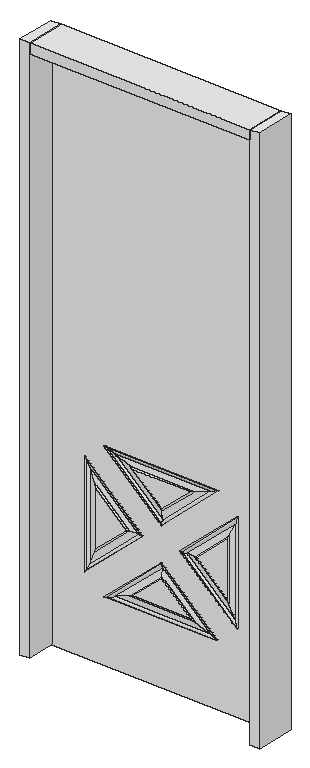
Revit family "Entrance-Doors_Steel_Crossbuck-Embossment_Taylor-Entrance", category Doors, host Wall, Revit 2026
Family settings
  Host = Wall
  Classification Number = 23.30.10.00
  Always vertical = Yes
  Cut with Voids When Loaded = No
  Shared = No
  Room Calculation Point = No
Parameters (values of type "2'10" x 7' 0"")
  URL = "https://www.groupenovatech.com/"
  Typical Side Embossment Height = 15.93297"
  Typical Bottom Embossment Width = 17.6300"
  Top Embossment Height = 25.3700"
  Thickness = 1.7300"
  Door Width = 33.7500"
  Door Material = Default
  Door Height = 82.9400"
  Top Distance = 5.0000"
  Symbolic Pattern = Door Width  # 33.7500"
  Specification = "https://www.arcat.com/company/taylor-entrance-systems-inc-50999/spec"
  Product Page URL = "https://www.arcat.com/arcatcos/cos50/arc50999.html"
  Frame Thickness = 1.4850"
  Embossment Height = 21.5000"
  Model = ""
  Manufacturer = "Taylor Entrance Systems"
  Keynote = "08 42 00"
  Function = Interior
  Height = 82.9400"
  Wall Closure = By host
  Width = 33.7500"
  Define Thermal Properties by = Schematic Type
  Copyright = "ARCAT"
  CAD Details = "https://www.arcat.com/company/taylor-entrance-systems-inc-50999/cad"
  C - Distance = 5.3750"
  Bottom Distance = 9.3800"
  B - Distance = 5.3750"
  Analytic Construction = "<None>"
Types (8): name | Door Width | Door Material | Door Height | Symbolic Pattern | Height | Width | C - Distance | B - Distance
  2' 8" x 6' 8" | 31.7500" | none | 78.9400" | 31.7500" | 78.9400" | 31.7500" | 9.0600" | 9.0600"
  2'10" x 6' 8" | 33.7500" | none | 78.9400" | 33.7500" | 78.9400" | 33.7500" | 5.3750" | 5.3750"
  3' 0" x 6' 8" | 35.7500" | none | 78.9400" | 35.7500" | 78.9400" | 35.7500" | 6.3750" | 6.3750"
  2' 6" x 6' 8" | 29.7500" | none | 78.9400" | 29.7500" | 78.9400" | 29.7500" | 3.3750" | 3.3750"
  2' 6" x 7' 0" | 29.7500" | none | 82.9400" | 29.7500" | 82.9400" | 29.7500" | 3.3750" | 3.3750"
  2' 8" x 7' 0" | 31.7500" | none | 82.9400" | 31.7500" | 82.9400" | 31.7500" | 4.3750" | 4.3750"
  2'10" x 7' 0" | 33.7500" | Default | 82.9400" | 33.7500" | 82.9400" | 33.7500" | 5.3750" | 5.3750"
  3' 0" x 7' 0" | 35.7500" | none | 82.9400" | 35.7500" | 82.9400" | 35.7500" | 9.0600" | 9.0600"
Reference planes (in)
  plane 1: y = 0
  plane 2 "Center (Left/Right)": x = 0
  plane 3 "Left": x = -16.875
  plane 4 "Right": x = 16.875
  plane 5: z = 82.94
  plane 6 "Exterior": y = 2.95276
  plane 7 "Interior": y = -2.95276
  plane 8: x = 8.815
  plane 9: x = -8.815
  plane 10: z = 0
  plane 11: z = 79
  plane 12: y = 1.22276
  plane 13: y = 36.70276
  plane 14: x = 18.36
  plane 15: x = -18.36
  plane 16: z = 84.425
  plane 17: z = 9.38
  plane 18: z = 17.24
  plane 19: z = 30.13
  plane 20: z = 22.27
  plane 21: x = -11.755
  plane 22: x = 11.755
  plane 23: through (-8.815, -11.81102, 9.38) normal (-0.6655, 0, 0.7464)
  plane 24: through (8.815, -11.81102, 9.38) normal (-0.6655, 0, -0.7464)
  plane 25: through (-8.815, -11.81102, 30.13) normal (0.6655, 0, 0.7464)
  plane 26: through (8.815, -11.81102, 30.13) normal (0.6655, 0, -0.7464)
  plane 27: z = 11.78851
  plane 28: z = 27.72851
Forms (in)
  Extrusion 1, solid, material "Default" <- "Door Material"
    sketch origin (0, 0, 0) x (1, 0, 0) y (0, 1, 0)
      loop
        line (-16.875, 2.95276) -> (-16.875, 1.22276) -> (16.875, 1.22276) -> (16.875, 2.95276) -> (-16.875, 2.95276)
    from 0 to 82.94
  Extrusion 2, solid, material "Default" <- "Door Material"
    sketch origin (0, 0, 0) x (1, 0, 0) y (0, 1, 0)
      loop
        line (-18.36, 2.95276) -> (-18.36, -2.95276) -> (-16.875, -2.95276) -> (-16.875, 2.95276) -> (-18.36, 2.95276)
    from 0 to 84.425
  Extrusion 3, solid, material "Default" <- "Door Material"
    sketch origin (0, 0, 0) x (1, 0, 0) y (0, 1, 0)
      loop
        line (16.875, 2.95276) -> (16.875, -2.95276) -> (18.36, -2.95276) -> (18.36, 2.95276) -> (16.875, 2.95276)
    from 0 to 84.425
  Extrusion 4, solid, material "Default" <- "Door Material"
    sketch origin (0, 0, 0) x (0, 1, 0) y (0, 0, 1)
      loop
        line (2.95276, 84.425) -> (-2.95276, 84.425) -> (-2.95276, 82.94) -> (2.95276, 82.94) -> (2.95276, 84.425)
    from -16.875 to 16.875
  Sweep 5, void
    path origin (0, 2.95276, 0) x (1, 0, 0) y (0, 0, 1)
      loop
        line (8.815, 9.38) -> (0, 17.24) -> (-8.815, 9.38) -> (8.815, 9.38)
    profile origin (0, 2.95276, 9.38) x (0, 0, -1) y (0, -1, 0)
      loop
        line (-1.688, 0) -> (0, 0) -> (-0.107, 0.07141)
        arc (-0.107, 0.07141) -> (-0.36002, 0.07804) -> (-0.5892, 0.18548) r 0.61848
        line (-0.5892, 0.18548) -> (-1.47, 0.08351) -> (-1.688, 0)
  Sweep 6, void
    path origin (0, 2.95276, 39.51) x (1, 0, 0) y (0, 0, 1)
      loop
        line (8.815, -9.38) -> (-8.815, -9.38) -> (0, -17.24) -> (8.815, -9.38)
    profile origin (0, 2.95276, 30.13) x (0, 0, -1) y (0, -1, 0)
      loop
        line (1.688, 0) -> (1.47, 0.08351) -> (0.5892, 0.18548)
        arc (0.5892, 0.18548) -> (0.36002, 0.07804) -> (0.107, 0.07141) r 0.61848
        line (0.107, 0.07141) -> (0, 0) -> (1.688, 0)
  Sweep 7, void
    path origin (0, 2.95276, 0) x (1, 0, 0) y (0, 0, 1)
      loop
        line (11.755, 27.72149) -> (2.82058, 19.755) -> (11.755, 11.78851) -> (11.755, 27.72149)
    profile origin (11.755, 2.95276, 19.755) x (0, -1, 0) y (1, 0, 0)
      loop
        line (0, -1.688) -> (0.08351, -1.47) -> (0.18548, -0.5892)
        arc (0.18548, -0.5892) -> (0.07804, -0.36002) -> (0.07141, -0.107) r 0.61848
        line (0.07141, -0.107) -> (0, 0) -> (0, -1.688)
  Sweep 8, void
    path origin (0, 2.95276, 0) x (-1, 0, 0) y (0, 0, -1)
      loop
        line (11.755, -27.72149) -> (11.755, -11.78851) -> (2.82058, -19.755) -> (11.755, -27.72149)
    profile origin (-11.755, 2.95276, 19.755) x (0, -1, 0) y (1, 0, 0)
      loop
        line (0, 1.688) -> (0, 0) -> (0.07141, 0.107)
        arc (0.07141, 0.107) -> (0.07804, 0.36002) -> (0.18548, 0.5892) r 0.61848
        line (0.18548, 0.5892) -> (0.08351, 1.47) -> (0, 1.688)
  Sweep 9, void
    path origin (16.875, 1.22276, 0) x (-1, 0, 0) y (0, 0, -1)
      loop
        line (25.69, -9.38) -> (8.06, -9.38) -> (16.875, -17.24) -> (25.69, -9.38)
    profile origin (0, 1.22276, 9.38) x (0, 0, 1) y (0, -1, 0)
      loop
        line (1.688, 0) -> (0, 0) -> (0.107, -0.07141)
        arc (0.107, -0.07141) -> (0.36002, -0.07804) -> (0.5892, -0.18548) r 0.61848
        line (0.5892, -0.18548) -> (1.47, -0.08351) -> (1.688, 0)
  Sweep 10, void
    path origin (16.875, 1.22276, 39.51) x (-1, 0, 0) y (0, 0, -1)
      loop
        line (25.69, 9.38) -> (16.875, 17.24) -> (8.06, 9.38) -> (25.69, 9.38)
    profile origin (0, 1.22276, 30.13) x (0, 0, 1) y (0, -1, 0)
      loop
        line (-1.688, 0) -> (-1.47, -0.08351) -> (-0.5892, -0.18548)
        arc (-0.5892, -0.18548) -> (-0.36002, -0.07804) -> (-0.107, -0.07141) r 0.61848
        line (-0.107, -0.07141) -> (0, 0) -> (-1.688, 0)
  Sweep 11, void
    path origin (16.875, 1.22276, 0) x (-1, 0, 0) y (0, 0, -1)
      loop
        line (28.63, -11.78851) -> (19.69558, -19.755) -> (28.63, -27.72149) -> (28.63, -11.78851)
    profile origin (-11.755, 1.22276, 19.755) x (-1, 0, 0) y (0, -1, 0)
      loop
        line (-1.688, 0) -> (-1.47, -0.08351) -> (-0.5892, -0.18548)
        arc (-0.5892, -0.18548) -> (-0.36002, -0.07804) -> (-0.107, -0.07141) r 0.61848
        line (-0.107, -0.07141) -> (0, 0) -> (-1.688, 0)
  Sweep 12, void
    path origin (-16.875, 1.22276, 0) x (1, 0, 0) y (0, 0, 1)
      loop
        line (28.63, 11.78851) -> (28.63, 27.72149) -> (19.69558, 19.755) -> (28.63, 11.78851)
    profile origin (11.755, 1.22276, 19.755) x (-1, 0, 0) y (0, -1, 0)
      loop
        line (1.688, 0) -> (0, 0) -> (0.107, -0.07141)
        arc (0.107, -0.07141) -> (0.36002, -0.07804) -> (0.5892, -0.18548) r 0.61848
        line (0.5892, -0.18548) -> (1.47, -0.08351) -> (1.688, 0)
Cuts and joins
  Sweep 5, Sweep 6, Sweep 7, Sweep 8, Sweep 9, Sweep 10, Sweep 11, Sweep 12 cuts Extrusion 1
Lines and regions (in)
  Opening 1
    outline origin (-120.07874, -2.95276, 0) x (1, 0, 0) y (0, 0, 1)
      loop
        line (101.71874, 0) -> (138.43874, 0) -> (138.43874, 84.425) -> (101.71874, 84.425) -> (101.71874, 0)
  symbolic lines, style "DoorsPanelProjection"
    curve 1: line (-16.875, 2.95276, 0) -> (-15.14453, 2.95276, 0)
    curve 2: line (-16.875, 36.70276, 0) -> (-16.875, 2.95276, 0)
    curve 3: line (-15.14453, 36.70276, 0) -> (-16.875, 36.70276, 0)
    curve 4: line (-15.14453, 2.95276, 0) -> (-15.14453, 36.70276, 0)
    curve 5: arc (-16.875, 36.70276, 0) -> (6.98985, 26.81761, 0) -> (16.875, 2.95276, 0) r 33.75
  symbolic lines, style "Elevation Swing"
    curve 6: line (-16.875, -2.95276, 39.5) -> (16.875, -2.95276, 82.94)
    curve 7: line (-16.875, -2.95276, 39.5) -> (16.875, -2.95276, 0)
  symbolic lines
    curve 8: line (0, 2.95276, 61.1347) -> (0, 2.95276, 65.87)
Text (in)
  text "Exterior" at (-83.64806, 43.28909, 0), in view "Ref. Level"
  text "Exterior" at (0, 63.59764, 145.59372), in view "Left"
  text "Exterior" at (0, 40.78868, 152.55637), in view "Right"
  text "Interior" at (-85.30309, -10.03194, 0), in view "Ref. Level"
Dimensions and locks (in)
  equal spacing: plane 3 "Left", plane 2 "Center (Left/Right)", plane 4 "Right"  (x3)
  plane 3 "Left" to plane 4 "Right" = 33.7500"  (x2)
  "Door Height": host wall to plane 5
  host wall to plane 5 = 82.9400"
  locked: plane 6 "Exterior" to host wall
  locked: plane 7 "Interior" to host wall
  "Thickness": plane 6 "Exterior" to plane 12
  locked: curve 2 to curve 4 at 1.73047
  "Symbolic Pattern": plane 6 "Exterior" to plane 13
  "Door Width": plane 3 "Left" to plane 4 "Right"
  "Frame Thickness": plane 4 "Right" to plane 14
  "Frame Thickness": plane 15 to plane 3 "Left"
  "Frame Thickness": plane 5 to plane 16
  locked: Extrusion 2 to Extrusion 4 sketch curve at 1.485
  "Bottom Distance": level to plane 17
  locked: plane 17 to plane 18 at 7.86
  locked: plane 17 to plane 19 at 20.75
  "Typical Bottom Embossment Width": plane 8 to plane 9
  locked: plane 20 to plane 19 at 7.86
  cut or joined group of Extrusion 1, Sweep 5, Sweep 6, Sweep 7, Sweep 8, Sweep 9, Sweep 10, Sweep 11, Sweep 12 to plane 28 = 15.9400"
  plane 21 to plane 9 = 2.9400"
  cut or joined group of Extrusion 1, Sweep 5, Sweep 6, Sweep 7, Sweep 8, Sweep 9, Sweep 10, Sweep 11, Sweep 12 to plane 19 = 2.40851"
  Sweep 7 sketch curve to Sweep 7 sketch curve = 15.93297"
  locked: Sweep 5 sketch curve to Sweep 5 sketch curve (angle 41.7222°)  (x2)
  aligned and locked: Opening 1 sketch curve to level
  aligned and locked: plane 1 to host wall
  aligned and locked: plane 6 "Exterior" to Extrusion 1 sketch curve
  aligned and locked: plane 12 to Extrusion 1 sketch curve
  aligned and locked: plane 13 to curve 3
  aligned and locked: Extrusion 1 to level
  aligned and locked: Opening 1 sketch curve to plane 15
  aligned and locked: plane 16 to Opening 1 sketch curve
  aligned and locked: plane 14 to Opening 1 sketch curve
  aligned and locked: plane 3 "Left" to Extrusion 2 sketch curve
  aligned and locked: plane 15 to Extrusion 2 sketch curve
  aligned and locked: plane 6 "Exterior" to Extrusion 2 sketch curve
  aligned and locked: Extrusion 2 sketch curve to plane 7 "Interior"
  aligned and locked: plane 16 to Extrusion 2
  aligned and locked: plane 14 to Extrusion 3 sketch curve
  aligned and locked: Extrusion 3 sketch curve to plane 4 "Right"
  aligned and locked: plane 6 "Exterior" to Extrusion 3 sketch curve
  aligned and locked: Extrusion 3 sketch curve to plane 7 "Interior"
  aligned and locked: plane 16 to Extrusion 3
  aligned and locked: Extrusion 4 sketch curve to plane 16
  aligned and locked: plane 6 "Exterior" to Extrusion 4 sketch curve
  aligned and locked: Extrusion 4 sketch curve to plane 7 "Interior"
  aligned and locked: plane 3 "Left" to Extrusion 4
  aligned and locked: Extrusion 4 to plane 4 "Right"
  aligned and locked: cut or joined group of Extrusion 1, Sweep 5, Sweep 6, Sweep 7, Sweep 8, Sweep 9, Sweep 10, Sweep 11, Sweep 12 to plane 5
  aligned and locked: Sweep 6 sketch curve to plane 19
  aligned and locked: plane 22 to Sweep 7 sketch curve
  aligned and locked: plane 21 to Sweep 8 sketch curve
  aligned and locked: Sweep 9 sketch curve to plane 17
  aligned and locked: Sweep 9 sketch curve to plane 24
  aligned and locked: plane 23 to Sweep 9 sketch curve
  aligned and locked: plane 26 to Sweep 10 sketch curve
  aligned and locked: Sweep 10 sketch curve to plane 25
  aligned and locked: Sweep 10 sketch curve to plane 19
  aligned and locked: plane 21 to Sweep 11 sketch curve
  aligned and locked: plane 26 to Sweep 11 sketch curve
  aligned and locked: Sweep 11 sketch curve to plane 24
  aligned and locked: plane 22 to Sweep 12 sketch curve
  aligned and locked: Sweep 12 sketch curve to plane 23
  aligned and locked: plane 25 to Sweep 12 sketch curve
  aligned and locked: Sweep 5 sketch curve to plane 23
  aligned and locked: plane 24 to Sweep 5 sketch curve
  aligned and locked: plane 25 to Sweep 6 sketch curve
  aligned and locked: Sweep 6 sketch curve to plane 26
  aligned and locked: plane 24 to Sweep 8 sketch curve
  aligned and locked: Sweep 8 sketch curve to plane 26
  aligned and locked: plane 23 to Sweep 7 sketch curve
  aligned and locked: Sweep 7 sketch curve to plane 25
Automatic sketch dimensions
  curve 8 to host wall = 0.0000"
  host wall to curve 8 = 0.0000"
  plane 5 to curve 8 = 21.8053"
  curve 8 to curve 8 = 4.7353"
  Extrusion 1 sketch curve to plane 3 "Left" = 0.0000"
  Extrusion 1 sketch curve to plane 4 "Right" = 0.0000"
  curve 1 to host wall = 0.0000"
  curve 1 to plane 3 "Left" = 0.0000"
  curve 5 to host wall = 0.0000"
  plane 3 "Left" to curve 7 = 0.0000"
  curve 7 to level = 0.0000"
  plane 4 "Right" to curve 7 = 0.0000"
  plane 4 "Right" to curve 6 = 0.0000"
  curve 6 to plane 5 = 0.0000"
  plane 19 to curve 7 = 9.3700"
  Sweep 5 sketch curve to plane 17 = 0.0000"
  Sweep 5 sketch curve to plane 6 "Exterior" = 0.0000"
  Sweep 5 sketch curve to profile plane = 0.0000"
  profile plane to Sweep 5 sketch curve = 0.1070"
  profile plane to Sweep 5 sketch curve = 0.21764"
  plane 6 "Exterior" to Sweep 5 sketch curve = 0.18548"
  Sweep 5 sketch curve to Sweep 5 sketch curve = 0.4822"
  plane 6 "Exterior" to Sweep 5 sketch curve = 0.08351"
  Sweep 5 sketch curve to Sweep 5 sketch curve = 0.8808"
  Sweep 5 sketch curve to Sweep 5 sketch curve = 0.2180"
  plane 6 "Exterior" to Sweep 5 sketch curve = 0.07141"
  Sweep 6 sketch curve to plane 6 "Exterior" = 0.0000"
  Sweep 6 sketch curve to profile plane = 0.0000"
  Sweep 6 sketch curve to profile plane = 0.1070"
  Sweep 6 sketch curve to profile plane = 0.21764"
  plane 6 "Exterior" to Sweep 6 sketch curve = 0.18548"
  Sweep 6 sketch curve to Sweep 6 sketch curve = 0.4822"
  plane 6 "Exterior" to Sweep 6 sketch curve = 0.08351"
  Sweep 6 sketch curve to Sweep 6 sketch curve = 0.8808"
  Sweep 6 sketch curve to Sweep 6 sketch curve = 0.2180"
  plane 6 "Exterior" to Sweep 6 sketch curve = 0.07141"
  plane 6 "Exterior" to Sweep 7 sketch curve = 0.0000"
  Sweep 7 sketch curve to profile plane = 0.0000"
  plane 6 "Exterior" to Sweep 7 sketch curve = 0.07141"
  plane 6 "Exterior" to Sweep 7 sketch curve = 0.08351"
  plane 6 "Exterior" to Sweep 7 sketch curve = 0.18548"
  profile plane to Sweep 7 sketch curve = 0.21764"
  Sweep 7 sketch curve to Sweep 7 sketch curve = 0.6085"
  profile plane to Sweep 7 sketch curve = 0.5892"
  Sweep 7 sketch curve to Sweep 7 sketch curve = 0.8808"
  Sweep 7 sketch curve to Sweep 7 sketch curve = 0.2180"
  plane 6 "Exterior" to Sweep 8 sketch curve = 0.0000"
  Sweep 8 sketch curve to profile plane = 0.0000"
  plane 6 "Exterior" to Sweep 8 sketch curve = 0.07141"
  plane 6 "Exterior" to Sweep 8 sketch curve = 0.08351"
  plane 6 "Exterior" to Sweep 8 sketch curve = 0.18548"
  Sweep 8 sketch curve to profile plane = 0.21764"
  Sweep 8 sketch curve to Sweep 8 sketch curve = 0.6085"
  Sweep 8 sketch curve to profile plane = 0.1070"
  Sweep 8 sketch curve to Sweep 8 sketch curve = 0.8808"
  Sweep 8 sketch curve to Sweep 8 sketch curve = 0.2180"
  profile plane to Sweep 9 sketch curve = 0.0000"
  Sweep 9 sketch curve to profile plane = 0.0000"
  Sweep 9 sketch curve to profile plane = 0.1070"
  Sweep 9 sketch curve to profile plane = 0.21764"
  Sweep 9 sketch curve to profile plane = 0.18548"
  Sweep 9 sketch curve to Sweep 9 sketch curve = 0.4822"
  Sweep 9 sketch curve to profile plane = 0.08351"
  Sweep 9 sketch curve to Sweep 9 sketch curve = 0.8808"
  Sweep 9 sketch curve to Sweep 9 sketch curve = 0.2180"
  Sweep 9 sketch curve to Sweep 9 sketch curve = 0.49442"
  Sweep 10 sketch curve to profile plane = 0.0000"
  profile plane to Sweep 10 sketch curve = 0.0000"
  profile plane to Sweep 10 sketch curve = 0.1070"
  profile plane to Sweep 10 sketch curve = 0.21764"
  Sweep 10 sketch curve to profile plane = 0.18548"
  Sweep 10 sketch curve to Sweep 10 sketch curve = 0.4822"
  Sweep 10 sketch curve to profile plane = 0.08351"
  Sweep 10 sketch curve to Sweep 10 sketch curve = 0.8808"
  Sweep 10 sketch curve to Sweep 10 sketch curve = 0.2180"
  Sweep 10 sketch curve to Sweep 10 sketch curve = 0.49442"
  profile plane to Sweep 11 sketch curve = 0.0000"
  Sweep 11 sketch curve to profile plane = 0.0000"
  profile plane to Sweep 11 sketch curve = 0.1070"
  profile plane to Sweep 11 sketch curve = 0.21764"
  Sweep 11 sketch curve to profile plane = 0.18548"
  Sweep 11 sketch curve to Sweep 11 sketch curve = 0.4822"
  Sweep 11 sketch curve to profile plane = 0.08351"
  Sweep 11 sketch curve to Sweep 11 sketch curve = 0.8808"
  Sweep 11 sketch curve to Sweep 11 sketch curve = 0.2180"
  Sweep 11 sketch curve to Sweep 11 sketch curve = 0.49442"
  Sweep 12 sketch curve to profile plane = 0.0000"
  profile plane to Sweep 12 sketch curve = 0.0000"
  Sweep 12 sketch curve to profile plane = 0.1070"
  Sweep 12 sketch curve to profile plane = 0.21764"
  Sweep 12 sketch curve to profile plane = 0.18548"
  Sweep 12 sketch curve to Sweep 12 sketch curve = 0.4822"
  Sweep 12 sketch curve to profile plane = 0.08351"
  Sweep 12 sketch curve to Sweep 12 sketch curve = 0.8808"
  Sweep 12 sketch curve to Sweep 12 sketch curve = 0.2180"
  Sweep 12 sketch curve to Sweep 12 sketch curve = 0.49442"
